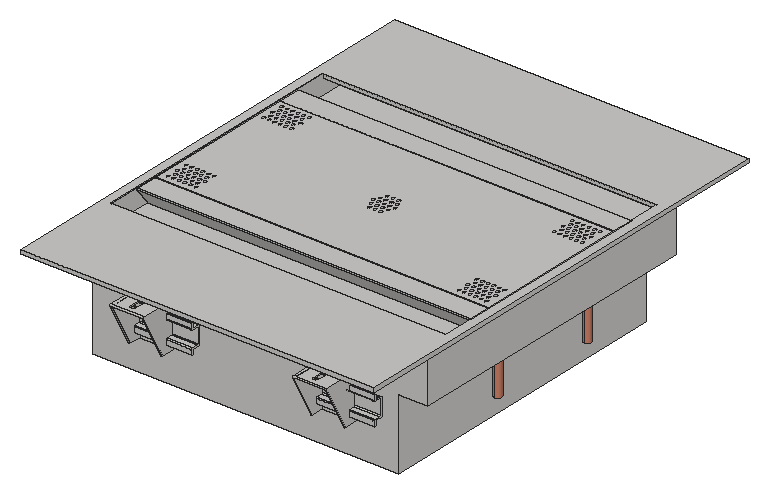
Revit family "York CB-ALE-YK - Linear Active Diffuser,Chilled Beam,Face-Based,Revit 2015 R1.3", category Mechanical Equipment, host Face, Revit 2015 (continued)
Definition of nested family "Perforated Grille Plate"
  Dimensions and locks (in)
    aligned and locked: plane 11 to cut or joined group 1 (Extrusion 1, Extrusion 2, Extrusion 3, Extrusion 4, Extrusion 5, Extrusion 6, Extrusion 7, Extrusion 8, Extrusion 9, Extrusion 10, Extrusion 11, Extrusion 12, Extrusion 13, Extrusion 14, Extrusion 15, Extrusion 16, Extrusion 17, Extrusion 18, Extrusion 19, Extrusion 20, Extrusion 21, Extrusion 22, Extrusion 23, Extrusion 24, Extrusion 25, Extrusion 26, Extrusion 27, Extrusion 28, Extrusion 29, Extrusion 30, Extrusion 31, Extrusion 32, Extrusion 33, Extrusion 34, Extrusion 35, Extrusion 36, Extrusion 37, Extrusion 38, Extrusion 39, Extrusion 40, Extrusion 41, Extrusion 42, Extrusion 43, Extrusion 44, Extrusion 45, Extrusion 46, Extrusion 47, Extrusion 48, Extrusion 49, Extrusion 50, Extrusion 51, Extrusion 52, Extrusion 53, Extrusion 54, Extrusion 55, Extrusion 56, Extrusion 57, Extrusion 58, Extrusion 59, Extrusion 60, Extrusion 61, Extrusion 62, Extrusion 63, Extrusion 64, Extrusion 65, Extrusion 66, Extrusion 67, Extrusion 68, Extrusion 69, Extrusion 70, Extrusion 71, Extrusion 72, Extrusion 73, Extrusion 74, Extrusion 75, Extrusion 76, Extrusion 77, Extrusion 78, Extrusion 79, Extrusion 80, Extrusion 81, Extrusion 82, Extrusion 83, Extrusion 84, Extrusion 85, Extrusion 86, Extrusion 87, Extrusion 88, Extrusion 89, Extrusion 90, Extrusion 91, Extrusion 92, Extrusion 93)
    aligned and locked: plane 12 to cut or joined group 1
    aligned and locked: plane 13 to cut or joined group 1
    aligned and locked: cut or joined group 1 to plane 14
    aligned and locked: plane 5 to Extrusion 9 sketch curve
    aligned and locked: plane 15 to Extrusion 9 sketch curve
    aligned and locked: plane 5 to Extrusion 10 sketch curve
    aligned and locked: plane 16 to Extrusion 10 sketch curve
    aligned and locked: plane 9 to Extrusion 11 sketch curve
    aligned and locked: plane 15 to Extrusion 11 sketch curve
    aligned and locked: plane 9 to Extrusion 12 sketch curve
    aligned and locked: plane 16 to Extrusion 12 sketch curve
    aligned and locked: plane 17 to Extrusion 17 sketch curve
    aligned and locked: plane 16 to Extrusion 17 sketch curve
    aligned and locked: plane 17 to Extrusion 16 sketch curve
    aligned and locked: plane 15 to Extrusion 16 sketch curve
    aligned and locked: plane 17 to Extrusion 15 sketch curve
    aligned and locked: plane 7 to Extrusion 15 sketch curve
    aligned and locked: plane 17 to Extrusion 14 sketch curve
    aligned and locked: plane 6 to Extrusion 14 sketch curve
    aligned and locked: plane 17 to Extrusion 13 sketch curve
    aligned and locked: plane 4 to Extrusion 13 sketch curve
    aligned and locked: plane 23 to plane 1 "Center (Front/Back)"
    aligned and locked: plane 3 "Center (Left/Right)" to plane 21
    aligned and locked: plane 19 to Extrusion 18 sketch curve
    aligned and locked: plane 20 to Extrusion 18 sketch curve
    aligned and locked: plane 19 to Extrusion 19 sketch curve
    aligned and locked: plane 21 to Extrusion 19 sketch curve
    aligned and locked: plane 25 to Extrusion 29 sketch curve
    aligned and locked: plane 19 to Extrusion 29 sketch curve
    aligned and locked: plane 22 to Extrusion 30 sketch curve
    aligned and locked: plane 22 to Extrusion 22 sketch curve
    aligned and locked: plane 22 to Extrusion 21 sketch curve
    aligned and locked: plane 22 to Extrusion 20 sketch curve
    aligned and locked: plane 23 to Extrusion 23 sketch curve
    aligned and locked: plane 18 to Extrusion 23 sketch curve
    aligned and locked: plane 23 to Extrusion 24 sketch curve
    aligned and locked: plane 20 to Extrusion 24 sketch curve
    aligned and locked: plane 23 to Extrusion 25 sketch curve
    aligned and locked: plane 21 to Extrusion 25 sketch curve
    aligned and locked: plane 23 to Extrusion 31 sketch curve
    aligned and locked: plane 25 to Extrusion 31 sketch curve
    aligned and locked: plane 23 to Extrusion 32 sketch curve
    aligned and locked: plane 26 to Extrusion 32 sketch curve
    aligned and locked: plane 24 to Extrusion 33 sketch curve
    aligned and locked: plane 24 to Extrusion 28 sketch curve
    aligned and locked: plane 24 to Extrusion 27 sketch curve
    aligned and locked: plane 24 to Extrusion 26 sketch curve
    aligned and locked: plane 20 to Extrusion 34 sketch curve
    aligned and locked: plane 27 to Extrusion 34 sketch curve
    aligned and locked: plane 27 to Extrusion 35 sketch curve
    aligned and locked: plane 21 to Extrusion 35 sketch curve
    aligned and locked: plane 27 to Extrusion 36 sketch curve
    aligned and locked: plane 25 to Extrusion 36 sketch curve
    aligned and locked: plane 5 to Extrusion 37 sketch curve
    aligned and locked: plane 28 to Extrusion 37 sketch curve
    aligned and locked: plane 9 to Extrusion 38 sketch curve
    aligned and locked: plane 28 to Extrusion 38 sketch curve
    aligned and locked: plane 17 to Extrusion 39 sketch curve
    aligned and locked: plane 28 to Extrusion 39 sketch curve
    aligned and locked: Extrusion 32 to level
    aligned and locked: Extrusion 36 to level
    aligned and locked: Extrusion 33 to level
    aligned and locked: Extrusion 31 to level
    aligned and locked: Extrusion 30 to level
    aligned and locked: Extrusion 29 to level
    aligned and locked: Extrusion 35 to level
    aligned and locked: Extrusion 28 to level
    aligned and locked: Extrusion 25 to level
    aligned and locked: Extrusion 22 to level
    aligned and locked: Extrusion 19 to level
    aligned and locked: Extrusion 34 to level
    aligned and locked: Extrusion 27 to level
    aligned and locked: Extrusion 24 to level
    aligned and locked: Extrusion 21 to level
    aligned and locked: Extrusion 18 to level
    aligned and locked: Extrusion 26 to level
    aligned and locked: Extrusion 23 to level
    aligned and locked: Extrusion 20 to level
    aligned and locked: Extrusion 39 to level
    aligned and locked: Extrusion 38 to level
    aligned and locked: Extrusion 37 to level
    aligned and locked: Extrusion 17 to level
    aligned and locked: Extrusion 12 to level
    aligned and locked: Extrusion 10 to level
    aligned and locked: Extrusion 16 to level
    aligned and locked: Extrusion 11 to level
    aligned and locked: Extrusion 9 to level
    aligned and locked: Extrusion 15 to level
    aligned and locked: Extrusion 8 to level
    aligned and locked: Extrusion 4 to level
    aligned and locked: Extrusion 14 to level
    aligned and locked: Extrusion 7 to level
    aligned and locked: Extrusion 3 to level
    aligned and locked: Extrusion 6 to level
    aligned and locked: Extrusion 5 to level
    aligned and locked: plane 4 to Extrusion 40 sketch curve
    aligned and locked: plane 31 to Extrusion 40 sketch curve
    aligned and locked: plane 6 to Extrusion 41 sketch curve
    aligned and locked: plane 31 to Extrusion 41 sketch curve
    aligned and locked: plane 7 to Extrusion 42 sketch curve
    aligned and locked: plane 31 to Extrusion 42 sketch curve
    aligned and locked: plane 15 to Extrusion 46 sketch curve
    aligned and locked: plane 31 to Extrusion 46 sketch curve
    aligned and locked: plane 31 to Extrusion 47 sketch curve
    aligned and locked: plane 16 to Extrusion 47 sketch curve
    aligned and locked: plane 31 to Extrusion 55 sketch curve
    aligned and locked: plane 28 to Extrusion 55 sketch curve
    aligned and locked: plane 33 to Extrusion 43 sketch curve
    aligned and locked: plane 4 to Extrusion 43 sketch curve
    aligned and locked: plane 6 to Extrusion 44 sketch curve
    aligned and locked: plane 33 to Extrusion 44 sketch curve
    aligned and locked: plane 33 to Extrusion 45 sketch curve
    aligned and locked: plane 7 to Extrusion 45 sketch curve
    aligned and locked: plane 15 to Extrusion 48 sketch curve
    aligned and locked: plane 33 to Extrusion 48 sketch curve
    aligned and locked: plane 16 to Extrusion 49 sketch curve
    aligned and locked: plane 33 to Extrusion 49 sketch curve
    aligned and locked: plane 33 to Extrusion 56 sketch curve
    aligned and locked: plane 28 to Extrusion 56 sketch curve
    aligned and locked: plane 35 to Extrusion 50 sketch curve
    aligned and locked: plane 4 to Extrusion 50 sketch curve
    aligned and locked: plane 35 to Extrusion 51 sketch curve
    aligned and locked: plane 6 to Extrusion 51 sketch curve
    aligned and locked: plane 7 to Extrusion 52 sketch curve
    aligned and locked: plane 35 to Extrusion 52 sketch curve
    aligned and locked: plane 15 to Extrusion 53 sketch curve
    aligned and locked: plane 35 to Extrusion 53 sketch curve
    aligned and locked: plane 16 to Extrusion 54 sketch curve
    aligned and locked: plane 35 to Extrusion 54 sketch curve
    aligned and locked: plane 35 to Extrusion 57 sketch curve
    aligned and locked: plane 28 to Extrusion 57 sketch curve
    aligned and locked: plane 36 to Extrusion 58 sketch curve
    aligned and locked: plane 36 to Extrusion 61 sketch curve
    aligned and locked: plane 37 to Extrusion 62 sketch curve
    aligned and locked: plane 37 to Extrusion 59 sketch curve
    aligned and locked: plane 38 to Extrusion 60 sketch curve
    aligned and locked: plane 38 to Extrusion 63 sketch curve
    aligned and locked: plane 39 to Extrusion 64 sketch curve
    aligned and locked: plane 40 to Extrusion 65 sketch curve
    aligned and locked: plane 39 to Extrusion 66 sketch curve
    aligned and locked: plane 40 to Extrusion 67 sketch curve
    aligned and locked: plane 40 to Extrusion 72 sketch curve
    aligned and locked: plane 39 to Extrusion 71 sketch curve
    aligned and locked: plane 38 to Extrusion 70 sketch curve
    aligned and locked: plane 37 to Extrusion 69 sketch curve
    aligned and locked: plane 36 to Extrusion 68 sketch curve
    aligned and locked: plane 41 to Extrusion 73 sketch curve
    aligned and locked: plane 41 to Extrusion 74 sketch curve
    aligned and locked: plane 41 to Extrusion 75 sketch curve
    aligned and locked: plane 36 to Extrusion 76 sketch curve
    aligned and locked: plane 37 to Extrusion 77 sketch curve
    aligned and locked: plane 38 to Extrusion 78 sketch curve
    aligned and locked: plane 39 to Extrusion 82 sketch curve
    aligned and locked: plane 40 to Extrusion 83 sketch curve
    aligned and locked: plane 41 to Extrusion 91 sketch curve
    aligned and locked: plane 36 to Extrusion 79 sketch curve
    aligned and locked: plane 37 to Extrusion 80 sketch curve
    aligned and locked: plane 38 to Extrusion 81 sketch curve
    aligned and locked: plane 39 to Extrusion 84 sketch curve
    aligned and locked: plane 40 to Extrusion 85 sketch curve
    aligned and locked: plane 41 to Extrusion 92 sketch curve
    aligned and locked: plane 36 to Extrusion 86 sketch curve
    aligned and locked: plane 37 to Extrusion 87 sketch curve
    aligned and locked: plane 38 to Extrusion 88 sketch curve
    aligned and locked: plane 39 to Extrusion 89 sketch curve
    aligned and locked: plane 40 to Extrusion 90 sketch curve
    aligned and locked: plane 41 to Extrusion 93 sketch curve
    aligned and locked: plane 5 to Extrusion 58 sketch curve
    aligned and locked: plane 5 to Extrusion 59 sketch curve
    aligned and locked: plane 5 to Extrusion 60 sketch curve
    aligned and locked: plane 5 to Extrusion 64 sketch curve
    aligned and locked: plane 5 to Extrusion 65 sketch curve
    aligned and locked: plane 5 to Extrusion 73 sketch curve
    aligned and locked: plane 9 to Extrusion 61 sketch curve
    aligned and locked: plane 9 to Extrusion 62 sketch curve
    aligned and locked: plane 9 to Extrusion 63 sketch curve
    aligned and locked: plane 9 to Extrusion 66 sketch curve
    aligned and locked: plane 9 to Extrusion 67 sketch curve
    aligned and locked: plane 9 to Extrusion 74 sketch curve
    aligned and locked: plane 17 to Extrusion 68 sketch curve
    aligned and locked: plane 17 to Extrusion 69 sketch curve
    aligned and locked: plane 17 to Extrusion 70 sketch curve
    aligned and locked: plane 17 to Extrusion 71 sketch curve
    aligned and locked: plane 17 to Extrusion 72 sketch curve
    aligned and locked: plane 17 to Extrusion 75 sketch curve
    aligned and locked: plane 31 to Extrusion 91 sketch curve
    aligned and locked: plane 31 to Extrusion 83 sketch curve
    aligned and locked: plane 31 to Extrusion 82 sketch curve
    aligned and locked: plane 31 to Extrusion 78 sketch curve
    aligned and locked: plane 31 to Extrusion 77 sketch curve
    aligned and locked: plane 31 to Extrusion 76 sketch curve
    aligned and locked: plane 33 to Extrusion 92 sketch curve
    aligned and locked: plane 33 to Extrusion 85 sketch curve
    aligned and locked: plane 33 to Extrusion 84 sketch curve
    aligned and locked: plane 33 to Extrusion 81 sketch curve
    aligned and locked: plane 33 to Extrusion 80 sketch curve
    aligned and locked: plane 33 to Extrusion 79 sketch curve
    aligned and locked: plane 35 to Extrusion 93 sketch curve
    aligned and locked: plane 35 to Extrusion 90 sketch curve
    aligned and locked: plane 35 to Extrusion 89 sketch curve
    aligned and locked: plane 35 to Extrusion 88 sketch curve
    aligned and locked: plane 35 to Extrusion 87 sketch curve
    aligned and locked: plane 35 to Extrusion 86 sketch curve
    aligned and locked: plane 42 to Extrusion 5 sketch curve  (x4)
    aligned and locked: plane 53 to cut or joined group 1
    aligned and locked: plane 54 to cut or joined group 1  (x2)
    aligned and locked: plane 55 to cut or joined group 1
    aligned and locked: plane 53 to Extrusion 20 sketch curve
    aligned and locked: plane 54 to Extrusion 21 sketch curve
    aligned and locked: plane 55 to Extrusion 22 sketch curve
    aligned and locked: plane 56 to Extrusion 30 sketch curve
    aligned and locked: plane 53 to Extrusion 26 sketch curve
    aligned and locked: plane 54 to Extrusion 27 sketch curve
    aligned and locked: plane 55 to Extrusion 28 sketch curve
    aligned and locked: plane 56 to Extrusion 33 sketch curve
    aligned and locked: cut or joined group 1 to plane 2  (x24)
    aligned and locked: cut or joined group 1 to level  (x32)
    aligned and locked: plane 46 to Extrusion 5 sketch curve  (x4)
    aligned and locked: plane 45 to Extrusion 5 sketch curve  (x4)
    aligned and locked: plane 44 to Extrusion 5 sketch curve  (x4)
    aligned and locked: plane 43 to Extrusion 5 sketch curve  (x4)
    aligned and locked: plane 10 to Extrusion 5 sketch curve  (x9)
    aligned and locked: plane 32 to Extrusion 5 sketch curve  (x10)
    aligned and locked: plane 34 to Extrusion 5 sketch curve  (x10)
    aligned and locked: plane 51 to Extrusion 5 sketch curve  (x4)
    aligned and locked: plane 50 to Extrusion 5 sketch curve  (x4)
    aligned and locked: plane 49 to Extrusion 5 sketch curve  (x4)
    aligned and locked: plane 48 to Extrusion 5 sketch curve  (x4)
    aligned and locked: plane 47 to Extrusion 5 sketch curve  (x4)
  Automatic sketch dimensions
    Extrusion 5 sketch curve to Extrusion 5 sketch curve = 0"
Definition of nested family "Mounting Bracket 2"
  Parameters (values of type "Bracket 4")
    Visibility [instance] = yes
    Thk. = 1/16"  # constant formula
    Support Height [instance] = 3"  # constant formula
    Material = none
    Hole Dia = 3/8"  # constant formula
    C.D. = 1"  # constant formula
    Bracket Lenght [instance] = 4"
    Adustable Bracket Distance [instance] = 1"
  Types (5): name
    (no name)
    Bracket 1
    Bracket 2
    Bracket 3
    Bracket 4
  Reference planes (in)
    plane 1 "Center (Front/Back)": y = 0
    plane 2: z = 0
    plane 3 "Center (Left/Right)": x = 0
    plane 4: y = 4
    plane 5: y = 1
    plane 6: z = -3
    plane 7: z = -1.5
    plane 8: x = 0.59375
    plane 9: x = 0.90625
    plane 10: z = -2.0625
    plane 11: z = -0.9375
    plane 12: z = -2.4375
    plane 13: z = -0.5625
    plane 14: x = 2.5
    plane 15: y = 2.125
  Forms (in)
    Extrusion 1, solid, material <- "Material", visible <- "Visibility"
      sketch origin (0, 0, 0) x (1, 0, 0) y (0, 0, 1)
        loop
          line (0.59375, -2.4375) -> (0.59375, -2.125)
          arc (0.59375, -2.125) -> (0.57544, -2.08081) -> (0.53125, -2.0625) r 0.0625
          line (0.53125, -2.0625) -> (0.125, -2.0625)
          arc (0.125, -2.0625) -> (0.08081, -2.04419) -> (0.0625, -2) r 0.0625
          line (0.0625, -2) -> (0.0625, -1)
          arc (0.0625, -1) -> (0.08081, -0.95581) -> (0.125, -0.9375) r 0.0625
          line (0.125, -0.9375) -> (0.53125, -0.9375)
          arc (0.53125, -0.9375) -> (0.57544, -0.91919) -> (0.59375, -0.875) r 0.0625
          line (0.59375, -0.875) -> (0.59375, -0.5625) -> (0.53125, -0.5625) -> (0.53125, -0.8125)
          arc (0.53125, -0.8125) -> (0.51294, -0.85669) -> (0.46875, -0.875) r 0.0625
          line (0.46875, -0.875) -> (0.0625, -0.875)
          arc (0.0625, -0.875) -> (0.01831, -0.89331) -> (0, -0.9375) r 0.0625
          line (0, -0.9375) -> (0, -2.0625)
          arc (0, -2.0625) -> (0.01831, -2.10669) -> (0.0625, -2.125) r 0.0625
          line (0.0625, -2.125) -> (0.46875, -2.125)
          arc (0.46875, -2.125) -> (0.51294, -2.14331) -> (0.53125, -2.1875) r 0.0625
          line (0.53125, -2.1875) -> (0.53125, -2.4375) -> (0.59375, -2.4375)
      from 0 to -4
    Extrusion 2, solid, material <- "Material", visible <- "Visibility"
      sketch origin (-2.92508, 1, -48) x (-1, 0, 0) y (0, 0, 1)
        loop
          line (-2.92508, 45) -> (-2.92508, 45.8125) -> (-3.39383, 45.8125) -> (-3.39383, 45.5625) -> (-3.51883, 45.5625) -> (-3.51883, 45.9375) -> (-3.05008, 45.9375) -> (-3.05008, 47) -> (-3.51883, 47) -> (-3.51883, 47.4375) -> (-3.39383, 47.4375) -> (-3.39383, 47.125) -> (-2.92508, 47.125) -> (-2.92508, 48) -> (-5.3211, 48)
          arc (-5.3211, 48) -> (-5.37467, 47.9697) -> (-5.3763, 47.90818) r 0.0625
          line (-5.3763, 47.90818) -> (-3.84895, 45.03318)
          arc (-3.84895, 45.03318) -> (-3.82596, 45.00893) -> (-3.79376, 45) r 0.0625
          line (-3.79376, 45) -> (-2.92508, 45)
      from 0 to 2.25
    Extrusion 3, void
      sketch origin (0, 0, 0) x (0, 1, 0) y (0, 0, 1)
        loop
          line (3.1875, -3) -> (3.1875, -0.125)
          arc (3.1875, -0.125) -> (3.16919, -0.08081) -> (3.125, -0.0625) r 0.0625
          line (3.125, -0.0625) -> (1.125, -0.0625)
          arc (1.125, -0.0625) -> (1.08081, -0.08081) -> (1.0625, -0.125) r 0.0625
          line (1.0625, -0.125) -> (1.0625, -3) -> (3.1875, -3)
      from 0.0625 to 2.5
    Extrusion 4, void
      sketch origin (0, 0, 0) x (0, -1, 0) y (1, 0, 0)
        loop
          arc (-2.3125, 0.89602) -> (-2.125, 0.70852) -> (-1.9375, 0.89602) r 0.1875
          line (-1.9375, 0.89602) -> (-1.9375, 1.89602)
          arc (-1.9375, 1.89602) -> (-2.125, 2.08352) -> (-2.3125, 1.89602) r 0.1875
          line (-2.3125, 1.89602) -> (-2.3125, 0.89602)
      from 0 to -0.0625
  Cuts and joins
    Extrusion 3, Extrusion 4 cuts Extrusion 2
  Dimensions and locks (in)
    "Bracket Lenght": plane 4 to plane 1 "Center (Front/Back)"
    "Adustable Bracket Distance": plane 1 "Center (Front/Back)" to plane 5
    "Support Height": plane 6 to level
    equal spacing: plane 6, plane 7, level
    locked: plane 8 to plane 3 "Center (Left/Right)" at 0.59375
    locked: plane 9 to plane 3 "Center (Left/Right)" at 0.90625
    equal spacing: plane 10, plane 7, plane 11
    locked: plane 10 to plane 11 at 1.125
    locked: plane 12 to plane 10 at 0.375
    locked: plane 11 to plane 13 at 0.375
    "Thk.": plane 8 to Extrusion 1 sketch curve  (x2)
    "Thk.": Extrusion 1 sketch curve to plane 10
    "Thk.": Extrusion 1 sketch curve to plane 3 "Center (Left/Right)"
    "Thk.": plane 11 to Extrusion 1 sketch curve
    locked: plane 14 to plane 3 "Center (Left/Right)" at 2.5
    "Thk.": Extrusion 2 to Extrusion 3 sketch curve
    "Thk.": Extrusion 3 sketch curve to Extrusion 2
    "Hole Dia": Extrusion 4 sketch curve to Extrusion 4 sketch curve
    "C.D.": Extrusion 4 sketch curve to Extrusion 4 sketch curve
    plane 3 "Center (Left/Right)" to Extrusion 1 = 19/32"
    locked: cut or joined group of Extrusion 2, Extrusion 3, Extrusion 4 to plane 5 at 2.25
    "Thk.": plane 2 to Extrusion 3 sketch curve
    "Thk.": Extrusion 1 to Extrusion 2 sketch curve
    "Thk.": plane 11 to Extrusion 2 sketch curve
    "Thk.": Extrusion 2 sketch curve to Extrusion 1
    locked: plane 15 to plane 5 at 1.125
    locked: plane 14 to Extrusion 2 sketch curve (angle 152.021°)
    aligned and locked: plane 2 to level
    aligned and locked: plane 3 "Center (Left/Right)" to Extrusion 1 sketch curve
    aligned and locked: Extrusion 1 sketch curve to plane 11
    aligned and locked: Extrusion 1 sketch curve to plane 10
    aligned and locked: plane 8 to Extrusion 1 sketch curve  (x2)
    aligned and locked: Extrusion 1 sketch curve to plane 13
    aligned and locked: Extrusion 1 sketch curve to plane 12
    aligned and locked: Extrusion 4 sketch curve to plane 15
    aligned and locked: Extrusion 3 to Extrusion 4
    aligned and locked: level to Extrusion 4
    aligned and locked: Extrusion 4 to cut or joined group of Extrusion 2, Extrusion 3, Extrusion 4
    aligned and locked: plane 4 to Extrusion 1
    aligned and locked: plane 1 "Center (Front/Back)" to Extrusion 1
    aligned and locked: Extrusion 2 to plane 5
    aligned and locked: plane 2 to Extrusion 2 sketch curve
    aligned and locked: Extrusion 2 sketch curve to plane 3 "Center (Left/Right)"
    aligned and locked: plane 3 "Center (Left/Right)" to Extrusion 2 sketch curve
    aligned and locked: plane 6 to Extrusion 2 sketch curve
    aligned and locked: plane 8 to Extrusion 2 sketch curve
    aligned and locked: Extrusion 2 sketch curve to plane 13
    aligned and locked: plane 12 to Extrusion 2 sketch curve
    aligned and locked: Extrusion 2 sketch curve to Extrusion 1
  Automatic sketch dimensions
    Extrusion 1 sketch curve to plane 10 = 0"
    Extrusion 1 sketch curve to plane 11 = 0"
    Extrusion 1 sketch curve to Extrusion 1 sketch curve = 1/16"  (x4)
    plane 8 to Extrusion 1 sketch curve = 1/16"  (x2)
    plane 6 to Extrusion 3 sketch curve = 0"
    Extrusion 3 sketch curve to Extrusion 3 sketch curve = 1/16"  (x2)
    Extrusion 4 sketch curve to plane 9 = 0.01023"
    Extrusion 2 sketch curve to plane 8 = 0"
    Extrusion 2 sketch curve to plane 10 = 0"
    Extrusion 2 sketch curve to plane 9 = 0.03757"
    plane 9 to Extrusion 2 sketch curve = 0.01763"
    Extrusion 2 sketch curve to plane 14 = 0.10398"
    Extrusion 2 sketch curve to plane 14 = 0.04878"
    Extrusion 2 sketch curve to plane 8 = 1/8"  (x2)
    Extrusion 2 sketch curve to plane 6 = 0.03318"
Definition of nested family "Model Name"
  Parameters (values of type "Model Name")
    Width = 47/64"
    Model Name = "Enter Tag Here"
  Reference planes (in)
    plane 1: y = 0
    plane 2: x = 0
  Text (in)
    label "XX" at (-0.00532, -0.00012, 0), shows "Model Name"
Types (2): name | Right Void Distance | Left Void Distance | Total Width | Inlet Air Slot Clearance | Sweep Void Length | Supply Inlet Dia | Y2 | Y3 | Neck Size | E | Y1 | Y4 | Clerance | Bottom Plate Thickness | Wide Housing Notch Offset | Wide Housing Notch Length | Supply Air Connection Diameter | Selected Nozzle Config. | Selected Chill Beam Width | Selected Air Inlet Size | Pipe Connection Middle Front Offset | Pipe Connection Middle Back Offset | Pipe Connection Front Offset | Pipe Connection Back Offset | Overall Width | Overall Height | Opening Width | Nominal Width | Narrow Housing Notch Depth | 24" | 12" | Inlet Offset from Top | Inlet Length | Inlet Depth | Housing Width | Housing Notch Offset | Housing Notch Height | Housing Length | Housing Height | Heating Water Supply Offset | Heating Water Supply Front Offset | Heating Water Return Offset | Heating Water Return Front Offset | Front Offset | Cooling Water Supply Offset | Cooling Water Supply Front Offset | Cooling Water Return Offset | Cooling Water Return Front Offset | Connection Reference Length | Circular Plate Width | Circular Plate Lenght | Border Length C | Border Length B | Border Length A | Border Height B | Border Height A | Bar Length | Bar Depth | Bar Border Width | Bar Border Offset from Center | Bar Array Spacing | Bar Array Quantity | Bar Array Offset from Center | Back Offset | B1 | Angled Housing Notch Height | Air Inlet Front Adapter Visibility | Select an Air Inlet Dia. | Air Inlet Connection Radius | Air Inlet Connection Inside Radius | A1 | 5" Dia. | 4" Dia. | 24" Wide Beam | 12" Wide Beam
  12" Wide Chill Beam | 7 1/8" | 7 1/8" | 22 7/8" | 1/8" | 3 1/2" | 2" | 4 3/4" | 2 1/4" | 4" | 7 1/4" | 4 3/4" | 2 1/4" | 0" | 1" | 1/16" | 1/8" | 4" | "A1" | "12 inch wide" | "4 inch Dia." | 3 5/8" | 8 5/8" | 2 5/8" | 9 5/8" | 14 3/8" | 9 5/8" | 11 3/4" | 12" | 2 1/2" | no | yes | 3 3/8" | 4 7/8" | 4 7/8" | 9 1/2" | 3 5/8" | 7 1/8" | 18 3/4" | 9 5/8" | 3 3/8" | 3 5/8" | 3 3/8" | 8 5/8" | 9 5/8" | 20 5/8" | 2 5/8" | 20 5/8" | 9 5/8" | 1 1/4" | 5 1/2" | 22 35/64" | 1 69/256" | 1 69/256" | 77/128" | 1 1/4" | 43/64" | 22 35/64" | 1 1/4" | 1 19/128" | 2 3/4" | 5/8" | 8 | 2 3/16" | 6" | no | 2 1/2" | yes | 1 | 1 15/16" | 1 29/32" | yes | no | yes | no | yes
  24" Wide Chilled Beam | 3 5/8" | 8 3/8" | 31 3/8" | 1 1/2" | 1/8" | 2 1/2" | 15 3/4" | 8 1/4" | 5" | 6 1/4" | 15 3/4" | 8 1/4" | 1/2" | 1/4" | 3 3/4" | 2" | 5" | "B1" | "24 inch wide" | "5 inch Dia." | 9 5/16" | 14 1/16" | 7 5/16" | 16 1/16" | 23 3/4" | 8 3/8" | 23 3/4" | 24" | 1/4" | yes | no | 3 5/8" | 3" | 3" | 20 3/4" | 3 3/4" | 3 5/8" | 18 1/2" | 8 3/8" | 3 3/4" | 7 5/16" | 3 3/4" | 16 1/16" | 13 3/8" | 3 3/4" | 7 5/16" | 3 3/4" | 16 1/16" | 1 5/8" | 10 1/2" | 22 25/64" | 2 17/32" | 1 189/256" | 87/128" | 1 23/256" | 79/256" | 22 25/64" | 1 23/256" | 1 1/2" | 5 1/4" | 1/2" | 20 | 4 3/4" | 12" | yes | 7 1/8" | no | 2 | 2 7/16" | 2 13/32" | no | yes | no | yes | no
